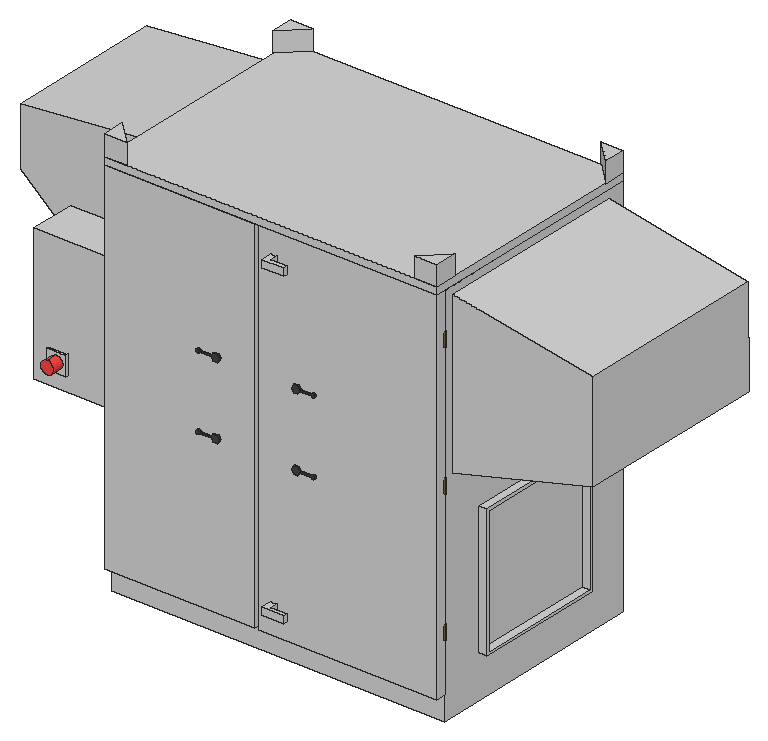
Revit family "Ventilator-RenewAire-Energy-Recovery-HE1.5XRTF", category Mechanical Equipment, Revit 2015
Parameters (values of type "1.0 HP 120V Single Phase")
  Voltage = "120"
  Ventilation Type = "Static Plate, Heat and Humidity Transfer"
  Unit Width = "33-1/4\""
  Unit Weight = "394-548 lbs."
  Unit Length = "86\""
  Unit Height = "56-3/4\""
  Unit = Metal - RenewAire - Anodized - Gray Text
  URL = "www.renewaire.com"
  Typical Airflow Range = "375 - 1,575 CFM"
  Standard Features = "Non-Fused Disconnect, 24VAC Transformer/Relay Package"
  Shipping Weight = "615 lbs."
  Service Area Visibility = no
  Service Area Box = Interference - RenewAire - Smooth - Light - Gold
  Revit Object Download Link = ""
  Phase = "Single"
  Options = "Qty. 2, EC Motor (see HE1.5XRT EC Motor submittal), 1.0 HP 120V/1Ph/60HZ, 1.0HP 208-230V/1Ph/60HZ, Integrated programmable controls, Fused disconnect, Double wall construction, Factory supplied and mounted variable frequency drives(VFDs) - one or both airstreams, Gravity backdraft dampers, Class 1 low leakage motorized isolation dampers – FA, EA or both airstreams, Qty. 2 Factory mounted filter alarms, Independent blower control, Exterior paint - white, custom colors"
  Number Motors = "Qty. 2, 1.0 HP ea., Direct drive standard motorized impeller packages"
  Model = "HE1.5XRTF"
  Minimum Circuit Amps = "14.6 A"
  Maximum Overcurrent Protection = "20 A"
  Max. Shipping Width = "47\""
  Max. Shipping Length = "70\""
  Max. Shipping Height = "83\""
  Manufacturer = "RenewAire LLC"
  Frequency = "60 HZ"
  FLA per Motor = "6.5"
  Description = "Energy Recovery Ventilator"
  Accessories = "Filters - MERV 13, 2\" (shipped loose), Backdraft Damper - OA or EA, Roof curb - standard 14\", Curb wind clip, Engineered combo curb for Carrier RTU, Engineered combo curb for Trane RTU, Digital time clock - wall mount(TC7D-W), in exterior enclosure (TC7D-E), Motion occupancy control - ceiling mount(MC-C), wall mount(MC-W), Carbon dioxide control - wall mount (CO2-W), duct mount(CO2-D), Electric duct heater – EK series (1-60 KW); designed for indoor ductwork installation only, Indirect gas-fired duct furnace - GH Series (50-400 MBH), installed downstream of any fans"
  AHRI 1060 Certified Core = "One L62-G5 and one L125-G5"
Types (6): name | Voltage | Phase | Minimum Circuit Amps | Maximum Overcurrent Protection | FLA per Motor
  (no name) | "120" | "Single" | "14.6 A" | "20 A" | "6.5"
  1.0 HP 120V Single Phase | "120" | "Single" | "14.6 A" | "20 A" | "6.5"
  1.0 HP 208-230 Single Phase | "208-230" | "Single" | "7.7 A" | "15 A" | "3.3-3.4"
  1.0 HP 277 Single Phase | "277" | "Single" | "6.1 A" | "15 A" | "2.7"
  1.0 HP 208-230 Three Phase | "208-230" | "Three" | "5.0" | "15 A" | "2.2-2.2"
  1.0 HP 460 Three Phase | "460" | "Three" | "2.5 A" | "15 A" | "1.1"
Reference planes (in)
  plane 1 "Center (Front/Back)": y = 0
  plane 2: z = 0
  plane 3 "Center (Left/Right)": x = 0
  plane 4 "MinServiceArea": y = -36.0625
  plane 5: z = 54
  plane 6: z = 53
Forms (in)
  Extrusion 1, solid, material "Metal - RenewAire - Anodized - Gray Text" <- "Unit"
    sketch origin (28, 0, 24.5625) x (0, 0, 1) y (0, 1, 0)
      loop
        line (-24.5625, 15.9375) -> (-24.5625, -14.6875) -> (28.4375, -14.6875) -> (28.4375, 15.9375) -> (-24.5625, 15.9375)
    from 3.25 to 48.875
  Extrusion 2, solid, material "Metal - RenewAire - Anodized - Gray Text" <- "Unit"
    sketch origin (28, 0, 24.5625) x (0, 0, 1) y (-1, 0, 0)
      loop
        line (-21.3125, 48.875) -> (-21.3125, 28.25) -> (28.4375, 28.25) -> (28.4375, 48.875) -> (-21.3125, 48.875)
      loop
        line (-21.3125, 27.75) -> (-21.3125, 3.25) -> (28.4375, 3.25) -> (28.4375, 27.75) -> (-21.3125, 27.75)
    from 14.6875 to 15.9375
  Extrusion 3, solid, material "Interference - RenewAire - Smooth - Light - Gold" <- "Service Area Box", visible <- "Service Area Visibility"
    sketch origin (28, 0, 24.5625) x (0, 1, 0) y (-1, 0, 0)
      loop
        line (-15.9375, 48.875) -> (-40.4375, 48.875) -> (-40.4375, 3.25) -> (-15.9375, 3.25) -> (-15.9375, 48.875)
    from -21.3125 to 29.4375
  Extrusion 4, solid, material "Metal - RenewAire - Anodized - Gray Text" <- "Unit"
    sketch origin (-19.375, 0, 42.6875) x (0, 0, 1) y (-1, 0, 0)
      loop
        line (-18.6875, 10.625) -> (-18.6875, 8) -> (-16.0625, 8) -> (-16.0625, 10.625) -> (-18.6875, 10.625)
    from 14.1875 to 14.5
  Extrusion 5, solid, material "Plastic Red"
    sketch origin (-19.375, 0, 42.6875) x (0, 0, 1) y (-1, 0, 0)
      loop
        circle (-17.375, 9.3125) r 0.875
    from 14.5 to 16
  Extrusion 6, solid, material "MonitorPorts"
    sketch origin (29.60669, 0, 34.19097) x (0, 0, 1) y (-1, 0, 0)
      loop
        line (-9.53348, 35.65895) -> (-9.94097, 35.42369) -> (-9.94097, 34.83769) -> (-9.43348, 34.54469) -> (-8.92599, 34.83769) -> (-8.92599, 35.42369) -> (-9.33348, 35.65895) -> (-9.33348, 37.28756)
        arc (-9.33348, 37.28756) -> (-9.43348, 37.76669) -> (-9.53348, 37.28756) r 0.25
        line (-9.53348, 37.28756) -> (-9.53348, 35.65895)
    from 15.9375 to 16.15339
  Extrusion 7, solid, material "MonitorPorts"
    sketch origin (29.60669, 0, 44.19097) x (0, 0, 1) y (-1, 0, 0)
      loop
        line (-9.53348, 35.65895) -> (-9.94097, 35.42369) -> (-9.94097, 34.83769) -> (-9.43348, 34.54469) -> (-8.92599, 34.83769) -> (-8.92599, 35.42369) -> (-9.33348, 35.65895) -> (-9.33348, 37.28756)
        arc (-9.33348, 37.28756) -> (-9.43348, 37.76669) -> (-9.53348, 37.28756) r 0.25
        line (-9.53348, 37.28756) -> (-9.53348, 35.65895)
    from 15.9375 to 16.15339
  Extrusion 8, solid, material "MonitorPorts"
    sketch origin (-29.60458, 0, 25.32401) x (0, 0, -1) y (1, 0, 0)
      loop
        line (-9.53348, 35.65895) -> (-9.94097, 35.42369) -> (-9.94097, 34.83769) -> (-9.43348, 34.54469) -> (-8.92599, 34.83769) -> (-8.92599, 35.42369) -> (-9.33348, 35.65895) -> (-9.33348, 37.28756)
        arc (-9.33348, 37.28756) -> (-9.43348, 37.76669) -> (-9.53348, 37.28756) r 0.25
        line (-9.53348, 37.28756) -> (-9.53348, 35.65895)
    from 15.9375 to 16.15339
  Extrusion 9, solid, material "MonitorPorts"
    sketch origin (-29.60458, 0, 15.32401) x (0, 0, -1) y (1, 0, 0)
      loop
        line (-9.53348, 35.65895) -> (-9.94097, 35.42369) -> (-9.94097, 34.83769) -> (-9.43348, 34.54469) -> (-8.92599, 34.83769) -> (-8.92599, 35.42369) -> (-9.33348, 35.65895) -> (-9.33348, 37.28756)
        arc (-9.33348, 37.28756) -> (-9.43348, 37.76669) -> (-9.53348, 37.28756) r 0.25
        line (-9.53348, 37.28756) -> (-9.53348, 35.65895)
    from 15.9375 to 16.15339
  Extrusion 10, solid, material "Metal - RenewAire - Anodized - Gray Text"
    sketch origin (0, 0, 0) x (0, 1, 0) y (0, 0, 1)
      loop
        line (9.0625, 24) -> (-8.9375, 24) -> (-8.9375, 6) -> (9.0625, 6) -> (9.0625, 24)
      loop
        line (8.8125, 23.75) -> (-8.6875, 23.75) -> (-8.6875, 6.25) -> (8.8125, 6.25) -> (8.8125, 23.75)
    from 24.75 to 26
  Extrusion 11, solid, material "Interference - RenewAire - Smooth - Light - Gold"
    sketch origin (0, 0, 0) x (1, 0, 0) y (0, 1, 0)
      loop
        circle (-21, -14.68889) r 0.125
      loop
        circle (24.875, -14.68889) r 0.125
    from 28 to 30
  Extrusion 12, solid, material "Interference - RenewAire - Smooth - Light - Gold"
    sketch origin (0, 0, 0) x (1, 0, 0) y (0, 1, 0)
      loop
        circle (-21, -14.68889) r 0.125
      loop
        circle (24.875, -14.68889) r 0.125
    from 10 to 12
  Extrusion 13, solid, material "Interference - RenewAire - Smooth - Light - Gold"
    sketch origin (0, 0, 0) x (1, 0, 0) y (0, 1, 0)
      loop
        circle (-21, -14.68889) r 0.125
      loop
        circle (24.875, -14.68889) r 0.125
    from 46 to 48
  Extrusion 14, void
    sketch origin (0, 0, 0) x (1, 0, 0) y (0, 1, 0)
      loop
        line (-15.875, 7.5625) -> (-15.875, -6.4375) -> (-1.875, -6.4375) -> (-1.875, 7.5625) -> (-15.875, 7.5625)
    from -1.72878 to 3.375
  Extrusion 15, solid, material "Metal - RenewAire - Anodized - Gray Text" <- "Unit"
    sketch origin (0, 0, 0) x (1, 0, 0) y (0, 1, 0)
      loop
        line (-20.875, 15.9375) -> (-20.875, 12.9375) -> (-17.875, 15.9375) -> (-20.875, 15.9375)
      loop
        line (24.75, 15.9375) -> (21.75, 15.9375) -> (24.75, 12.9375) -> (24.75, 15.9375)
      loop
        line (-20.875, -15.9375) -> (-17.875, -15.9375) -> (-20.875, -12.9375) -> (-20.875, -15.9375)
      loop
        line (24.75, -15.9375) -> (24.75, -12.9375) -> (21.75, -15.9375) -> (24.75, -15.9375)
    from 54 to 56.75
  Extrusion 16, solid, material "Metal - RenewAire - Anodized - Gray Text" <- "Unit"
    sketch origin (0, 0, 0) x (0, 1, 0) y (0, 0, 1)
      loop
        line (15.9375, 53) -> (15.9375, 54) -> (-15.9375, 54) -> (-15.9375, 53) -> (15.9375, 53)
    from -20.875 to 24.75
  Extrusion 17, solid, material "Metal - RenewAire - Anodized - Gray Text" <- "Unit"
    sketch origin (0, 0, 0) x (1, 0, 0) y (0, 0, 1)
      loop
        line (-20.875, 40.5) -> (-32, 40.5) -> (-32, 22) -> (-20.875, 22) -> (-20.875, 40.5)
    from 7.8125 to 14.1875
  Extrusion 18, solid, material "Metal - RenewAire - Anodized - Gray Text" <- "Unit"
    sketch origin (0, 0, 0) x (1, 0, 0) y (0, 0, 1)
      loop
        line (24.75, 30) -> (44, 35) -> (44, 48.5) -> (24.75, 52) -> (24.75, 30)
    from 13.375 to -13.375
  Extrusion 19, solid, material "Metal - RenewAire - Anodized - Gray Text" <- "Unit"
    sketch origin (0, 0, 0) x (1, 0, 0) y (0, 0, 1)
      loop
        line (-20.875, 33.375) -> (-20.875, 51.625) -> (-39.75, 49.83802) -> (-39.75, 41.875) -> (-30.125, 33.375) -> (-20.875, 33.375)
    from -14.9375 to 6.8125
  Extrusion 20, void
    sketch origin (0, 0, 0) x (1, 0, 0) y (0, 1, 0)
      loop
        line (-20.375, 15.4375) -> (-20.375, -14.1875) -> (24.25, -14.1875) -> (24.25, 15.4375) -> (-20.375, 15.4375)
    from 0 to 3.25
  Extrusion 21, solid, material "Metal - RenewAire - Anodized - Gray Text" <- "Unit"
    sketch origin (0, 0, 0) x (1, 0, 0) y (0, 1, 0)
      loop
        line (1.9375, -15.9375) -> (1.9375, -17.4375) -> (4.9375, -17.4375) -> (4.9375, -16.9375) -> (2.6875, -16.9375) -> (2.6875, -15.9375) -> (1.9375, -15.9375)
    from 49 to 50
  Extrusion 22, solid, material "Metal - RenewAire - Anodized - Gray Text" <- "Unit"
    sketch origin (0, 0, 0) x (1, 0, 0) y (0, 1, 0)
      loop
        line (1.9375, -15.9375) -> (1.9375, -17.4375) -> (4.9375, -17.4375) -> (4.9375, -16.9375) -> (2.6875, -16.9375) -> (2.6875, -15.9375) -> (1.9375, -15.9375)
    from 6.25 to 7.25
Cuts and joins
  Extrusion 14, Extrusion 20 cuts Extrusion 1
Dimensions and locks (in)
  aligned and locked: level to plane 2
Connectors (in)
  hvac at (26, 0.0625, 15)
    settings: on Extrusion 10, index 2, duct flow 0 CFM, flow factor 0, pres drop 0.00 in-wg, loss coef 0, conn angle 0.00°, conn width 18", conn height 18", conn diameter 24", duct sys type 2, conn prof type 1, flow config 0, flow direction 1, loss method 0, conn ref index -1, conn util no, is conn primary yes, conn desc "RA (Return Air)"
  hvac at (-8.875, 0.5625, 3.375)
    settings: on cut or joined group of Extrusion 1, Extrusion 14, Extrusion 20, index 4, duct flow 0 CFM, flow factor 0, pres drop 0.00 in-wg, loss coef 0, conn angle 0.00°, conn width 16", conn height 14", conn diameter 24", duct sys type 1, conn prof type 1, flow config 0, flow direction 2, loss method 0, conn ref index -1, conn util no, is conn primary no, conn desc "FA (Fresh Air)"
